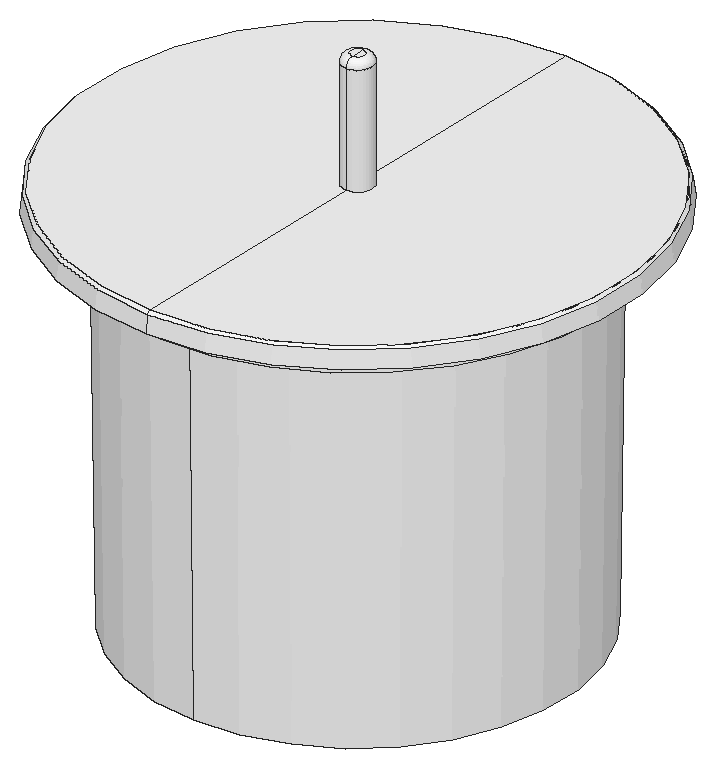
Revit family "CSensor-Lutron-Ceiling-Vive_Series-HJS-1-SM", category Lighting Devices, host Face, Revit 2021
Family settings
  Host = Face
  Maintain Annotation Orientation = Yes
  Round Connector Dimension = Use Diameter
  Part Type = Normal
  OmniClass Number = 23.85.80.11.27
  OmniClass Title = Lighting Controls
  Cut with Voids When Loaded = No
  Shared = No
  Room Calculation Point = No
Parameters (values of type "HJS-1-SM")
  Width = 0' - 6 205/256"  # constant formula
  Warranty URL = "https://www.lutron.com/en-US/Service-Support/Pages/Service/Warranty/Warranty.aspx"
  Voltage Comments = "Input to power supply: 120 – 277 V~ 50/60 Hz 0.6 A • Input to Vive hub: 24 V- 350 mA"  # constant formula
  Voltage = 120 V
  Video Link = "https://www.youtube.com/user/LutronElectronicsInc"
  Version = "2021 - v1.0a"  # constant formula
  Support Phone = "(224) 699-9545"  # constant formula
  Support Email = "mailto: support@bimsmith.com"
  Sensor Type = "Occupancy/Vacancy"  # constant formula
  Sensor Area Visibility [instance] = yes
  Recommended Mounting Notes [instance] = "Surface Mounted - Must be mounted a minimum of 10 ft (3 m) from Wi-Fi router"  # constant formula
  Product Page URL = "https://commercial.lutron.com/us/en/whole-building-systems/vive#3092623536-1983966033"
  Product Name = "Vive Wireless Hub"  # constant formula
  Product Documentation Link = "https://assets.lutron.com/a/documents/369902_eng.pdf"
  Performance URL = "https://www.lutron.com/en-US/Service-Support/Pages/Technical/PerfomanceSpecs.aspx"
  Minimum Operating Temperature = 32 °F  # constant formula
  Maximum Operating Temperature = 104 °F  # constant formula
  Manufacturer Phone Number = "610-282-3800"  # constant formula
  Manufacturer Fax Number = "610-282-1243"  # constant formula
  Manufacturer Email = "mailto:support@lutron.com"
  Manufacturer Address = "7200 Suter Rd, Coopersburg, PA 18036"  # constant formula
  URL = "http://www.lutron.com"
  Type Comments = ""
  Series = "Vive Series"  # constant formula
  Sensor Material = Plastic - Lutron - White Gloss
  Model = "HJS-1-SM"  # constant formula
  Manufacturer = "Lutron Electronics Co., Inc"  # constant formula
  Load Classification = Other
  Coverge Radius = 71' - 0"  # constant formula
  Coverage Range = " 71 ft (22 m)"  # constant formula
  Length = 0' - 6 205/256"  # constant formula
  Keynote = "Division 11"
  Instruction Sheet Link = "https://assets.lutron.com/a/documents/041803.pdf"
  Finish = Plastic - Lutron - White Gloss
  Description = "Vive hub, surface-mount adapter and power supply"  # constant formula
  Depth = 0' - 4 77/256"  # constant formula
  Default Elevation = 0' - 0"
  Coverage Area = "360˚ coverage from 71 ft (22 m)"  # constant formula
  Coverage = 15836.00 SF  # constant formula
  Cost Info = "mailto:sales@lutron.com"
  Cost = 0
  Copyright = "© 2022 Lutron Electronics Co., Inc."  # constant formula
  C CP Right [instance] = 0' - 0"  # constant formula
  C CP Left [instance] = 0' - 0"  # constant formula
  C CP Height [instance] = 0' - 0"  # constant formula
  C CP Front [instance] = 0' - 0"  # constant formula
  C CP Back [instance] = 0' - 0"  # constant formula
  Assembly Code = "D5030800"
  Apparent Load = 0 VA
  Annotation Symbol Visibility [instance] = yes
Reference planes (in)
  plane 1 "Center (Front/Back)": y = 0
  plane 2: z = 0
  plane 3 "Center (Left/Right)": x = 0
  plane 4: y = 3.40039
  plane 5: y = -3.40039
  plane 6: x = 3.40039
  plane 7: x = -3.40039
  plane 8 "top": z = 5.05
  plane 9: x = 0
  plane 10: x = 0
  plane 11: y = 0
  plane 12: y = 0
  plane 13: z = 0
  plane 14: z = 6.55
  plane 15 "Center L/S": z = 4.8
  plane 16 "Center L/T": z = 2.25
Forms (in)
  Revolve 1, solid, material "Plastic - Lutron - White Gloss" <- "Sensor Material", detail levels medium+fine
    sketch origin (0, 0, 0) x (0, 1, 0) y (0, 0, 1)
      loop
        line (0, 2.25) -> (0, 6.55) -> (-0.08833, 6.55)
        arc (-0.08833, 6.55) -> (-0.1559, 6.52201) -> (-0.18389, 6.45444) r 0.09556
        line (-0.18389, 6.45444) -> (-0.18389, 5.05) -> (-3.346, 5.05) -> (-3.38049, 5.0155) -> (-3.40781, 4.8) -> (-2.59273, 4.8) -> (-2.59273, 2.25) -> (0, 2.25)
      axis (0, 6.55) -> (0, 2.25)
    angle from 0 to 360
  Revolve 2, solid, material "Plastic - Lutron - White Gloss" <- "Sensor Material", detail levels coarse
    sketch origin (0, 0, 0) x (0, 1, 0) y (0, 0, 1)
      loop
        line (-2.59273, 2.25) -> (0, 2.25) -> (0, 6.55) -> (-0.18389, 6.55) -> (-0.18389, 5.05) -> (-3.37808, 5.05) -> (-3.40781, 4.8) -> (-2.59273, 4.8) -> (-2.59273, 2.25)
      axis (0, 6.55) -> (0, 2.25)
    angle from 0 to 360
  Revolve 3, solid, material "Plastic - Lutron - White Gloss" <- "Sensor Material"
    sketch origin (0, 0, 0) x (0, 1, 0) y (0, 0, 1)
      loop
        line (-2.63961, 0) -> (0, 0) -> (0, 0.5) -> (-2.59273, 0.5) -> (-2.59273, 4.8) -> (-3.18389, 4.8) -> (-3.18389, 4.64375) -> (-2.70337, 4.64375) -> (-2.63961, 0)
      axis (0, 4.8) -> (0, 0)
    angle from 0 to 360
Lines and regions (in)
  model lines, style "LightingDevices", detail levels medium+fine
    curve 1: circle (0, 0, 5.05) r 2.63931 normal (0, 0, 1)
  symbolic lines, style "Sensor Range"
    curve 2: circle (0, 0, 0) r 852 normal (0, 0, 1)
Dimensions and locks (in)
  "Width": plane 4 to plane 5
  equal spacing: plane 4, plane 1 "Center (Front/Back)", plane 5
  "Length": plane 7 to plane 6
  equal spacing: plane 7, plane 3 "Center (Left/Right)", plane 6
  "C CP Front": plane 1 "Center (Front/Back)" to plane 12
  "C CP Back": plane 11 to plane 1 "Center (Front/Back)"
  "C CP Right": plane 10 to plane 3 "Center (Left/Right)"
  "C CP Left": plane 3 "Center (Left/Right)" to plane 9
  locked: plane 14 to plane 8 "top" at 1.5
  locked: plane 8 "top" to Revolve 2 sketch curve at 0.25
  locked: plane 14 to Revolve 1 sketch curve at 0.09556
  locked: plane 8 "top" to Revolve 1 sketch curve at 0.25
  locked: plane 8 "top" to plane 16 "Center L/T" at 2.8
  locked: plane 15 "Center L/S" to plane 13 at 4.8
  locked: plane 13 to plane 2
  plane 1 "Center (Front/Back)" to Revolve 1 sketch curve to Revolve 1 sketch curve to Revolve 1 sketch curve to Revolve 1 sketch curve to Revolve 1 sketch curve to Revolve 1 sketch curve to Revolve 1 sketch curve = 0' - 0" locked, 0' - 0.08833" locked, 0' - 0.09556" locked, 0' - 2.40884" locked, 0' - 0.75326" locked, 0' - 0.0345" locked, 0' - 0.02732" locked
  plane 12 to Revolve 2 sketch curve to Revolve 2 sketch curve to Revolve 2 sketch curve to Revolve 2 sketch curve to Revolve 2 sketch curve = 0' - 0" locked, 0' - 0.18389" locked, 0' - 2.40884" locked, 0' - 0.78534" locked, 0' - 0.02973" locked
  plane 12 to Revolve 3 sketch curve to Revolve 3 sketch curve to Revolve 3 sketch curve to Revolve 3 sketch curve to Revolve 3 sketch curve = 0' - 0" locked, 0' - 2.59273" locked, 0' - 0 3/64" locked, 0' - 0.06376" locked, 0' - 0.48052" locked
  Revolve 3 sketch curve to Revolve 3 sketch curve to Revolve 3 sketch curve to plane 2 to Revolve 3 sketch curve = 0' - 0 5/32" locked, 0' - 4.14375" locked, 0' - 0 1/2" locked, 0' - 0" locked
  "Coverge Radius": radius of curve 2
  aligned and locked: plane 2 to host face
  aligned and locked: level to host face
  aligned and locked: plane 8 "top" to Revolve 2 sketch curve
  aligned and locked: plane 14 to Revolve 2 sketch curve
  aligned and locked: plane 14 to Revolve 1 sketch curve
  aligned and locked: plane 8 "top" to Revolve 1 sketch curve
  aligned and locked: plane 12 to curve 2
  aligned and locked: plane 10 to curve 2
  aligned and locked: Revolve 1 sketch curve to plane 16 "Center L/T"
  aligned and locked: plane 16 "Center L/T" to Revolve 2 sketch curve
Automatic sketch dimensions
  host sketch curve to host sketch curve = 8' - 0"  (x2)
  Revolve 1 sketch curve to plane 1 "Center (Front/Back)" = 0' - 0"
  Revolve 1 sketch curve to plane 8 "top" = 0' - 0.0345"
  Revolve 1 sketch curve to level = 0' - 0.17381"
  plane 8 "top" to Revolve 1 sketch curve = 0' - 0.69728"
  Revolve 2 sketch curve to plane 1 "Center (Front/Back)" = 0' - 0"
  Revolve 2 sketch curve to Revolve 2 sketch curve = 0' - 0"
  Revolve 2 sketch curve to Revolve 2 sketch curve = 0' - 0 3/4"
  Revolve 3 sketch curve to plane 1 "Center (Front/Back)" = 0' - 0"
  Revolve 3 sketch curve to plane 13 = 0' - 1.08629"
  Revolve 3 sketch curve to Revolve 3 sketch curve = 0' - 0"
  plane 1 "Center (Front/Back)" to curve 1 = 0' - 0"
  curve 1 to plane 3 "Center (Left/Right)" = 0' - 0"
  radius of curve 1 = 0' - 2.63931"
Nested families (in)
  nested 1: "Nested - Annotation - HUB-1" at (0, 0, 0), visible <- "Annotation Symbol Visibility", type "Default"
Connectors (in)
  electrical at (0, 0, 0)
    settings: on Revolve 3, index 1, voltage 0 V, apparent load 0 VA, apparent load phase1 0 VA, apparent load phase2 0 VA, apparent load phase3 0 VA, power factor 1, load classification "Other", number of poles 1, system type 13, power factor state 1, is connector primary yes, connector utility no, sub classification motor no, connector description "Control Connector"
  electrical at (0, 0, 0), driven by "Load Classification", driven by "Voltage", driven by "Apparent Load"
    settings: on Revolve 3, index 2, voltage 120 V, apparent load 0 VA, apparent load phase1 0 VA, apparent load phase2 0 VA, apparent load phase3 0 VA, power factor 1, load classification "Other", number of poles 1, system type 30, power factor state 1, is connector primary no, connector utility no, sub classification motor no, connector description "Electrical Connector"
Definition of nested family "Nested - Annotation - HUB-1"
  Reference planes (in)
    plane 1 "Center (Front/Back)": y = 0
    plane 2: z = 0
    plane 3 "Center (Left/Right)": x = 0
  Lines and regions (in)
    Filled region 1, type "Solid Fill - Black", in view "Ref. Level"
      outline origin (-63.20843, 57.09227, 0) x (1, 0, 0) y (0, 1, 0)
        loop
          circle (63.20843, -57.09227) r 6.25
    Filled region 2, type "Solid Fill - White", in view "Ref. Level"
      outline origin (-63.08343, 57.09227, 0) x (1, 0, 0) y (0, 1, 0)
        loop
          arc (58.43088, -57.98723) -> (58.49222, -57.99313) -> (58.55382, -57.99491) r 0.92045
          arc (58.55382, -57.99491) -> (58.6162, -57.9932) -> (58.6783, -57.98723) r 0.91072
          line (58.6783, -57.98723) -> (58.75822, -57.96878) -> (58.80048, -57.94035) -> (58.81201, -57.89809) -> (58.81201, -56.17457) -> (60.58086, -56.17457) -> (60.58086, -57.89809) -> (60.59316, -57.94035) -> (60.63465, -57.96878) -> (60.71303, -57.98723)
          arc (60.71303, -57.98723) -> (60.7759, -57.99328) -> (60.83905, -57.99491) r 0.90192
          arc (60.83905, -57.99491) -> (60.89988, -57.99317) -> (60.96045, -57.98723) r 0.87876
          line (60.96045, -57.98723) -> (61.04037, -57.96878) -> (61.08263, -57.94035) -> (61.09416, -57.89809) -> (61.09416, -54.16904) -> (61.08263, -54.12678) -> (61.04037, -54.09835) -> (60.96045, -54.07991)
          arc (60.96045, -54.07991) -> (60.89988, -54.07396) -> (60.83905, -54.07222) r 0.87876
          arc (60.83905, -54.07222) -> (60.7759, -54.07386) -> (60.71303, -54.07991) r 0.90192
          line (60.71303, -54.07991) -> (60.63465, -54.09835) -> (60.59316, -54.12678) -> (60.58086, -54.16904) -> (60.58086, -55.72429) -> (58.81201, -55.72429) -> (58.81201, -54.16904) -> (58.80048, -54.12678) -> (58.75822, -54.09835) -> (58.6783, -54.07991)
          arc (58.6783, -54.07991) -> (58.6162, -54.07393) -> (58.55382, -54.07222) r 0.91072
          arc (58.55382, -54.07222) -> (58.49222, -54.07401) -> (58.43088, -54.07991) r 0.92045
          line (58.43088, -54.07991) -> (58.34943, -54.09835) -> (58.30793, -54.12678) -> (58.29564, -54.16904) -> (58.29564, -57.89809) -> (58.30793, -57.94035) -> (58.34943, -57.96878) -> (58.43088, -57.98723)
        loop
          arc (66.52986, -57.97647) -> (66.72498, -57.96947) -> (66.91867, -57.94496) r 2.16904
          arc (66.91867, -57.94496) -> (67.08036, -57.90654) -> (67.23679, -57.85045) r 1.49875
          arc (67.23679, -57.85045) -> (67.37566, -57.78131) -> (67.50419, -57.69446) r 1.17392
          arc (67.50419, -57.69446) -> (67.61397, -57.59393) -> (67.70705, -57.47778) r 0.96917
          arc (67.70705, -57.47778) -> (67.78326, -57.34421) -> (67.83768, -57.20038) r 0.9816
          arc (67.83768, -57.20038) -> (67.87342, -57.03304) -> (67.88455, -56.86229) r 1.17886
          spline (67.88455, -56.86229) -> (67.88414, -56.82948) -> (67.88288, -56.79716) -> (67.88079, -56.7653) -> (67.87786, -56.73391) -> (67.87409, -56.70297) -> (67.86947, -56.67249) -> (67.864, -56.64246) -> (67.85769, -56.61287) -> (67.85051, -56.58372) -> (67.84249, -56.555) -> (67.8336, -56.5267) -> (67.82385, -56.49883)
          arc (67.82385, -56.49883) -> (67.75475, -56.34752) -> (67.66018, -56.21068) r 0.94426
          arc (67.66018, -56.21068) -> (67.54863, -56.09844) -> (67.4189, -56.00783) r 0.88613
          arc (67.4189, -56.00783) -> (67.27484, -55.94067) -> (67.12153, -55.89871) r 0.94135
          arc (67.12153, -55.89871) -> (67.2386, -55.83807) -> (67.34513, -55.7604) r 0.86812
          arc (67.34513, -55.7604) -> (67.43375, -55.67154) -> (67.50727, -55.56984) r 0.79432
          arc (67.50727, -55.56984) -> (67.56457, -55.45699) -> (67.60485, -55.33701) r 0.86827
          arc (67.60485, -55.33701) -> (67.62996, -55.20592) -> (67.6379, -55.07268) r 1.02969
          spline (67.6379, -55.07268) -> (67.63738, -55.03441) -> (67.63584, -54.99681) -> (67.63326, -54.95988) -> (67.62964, -54.92364) -> (67.62498, -54.88808) -> (67.61926, -54.85321) -> (67.61249, -54.81902) -> (67.60466, -54.78553) -> (67.59575, -54.75273) -> (67.58578, -54.72062) -> (67.57473, -54.68922) -> (67.56259, -54.65851)
          arc (67.56259, -54.65851) -> (67.46975, -54.48999) -> (67.33899, -54.34885) r 0.79149
          spline (67.33899, -54.34885) -> (67.31369, -54.32831) -> (67.28738, -54.30858) -> (67.26005, -54.28966) -> (67.2317, -54.27155) -> (67.20233, -54.25427) -> (67.17196, -54.23781) -> (67.14057, -54.22219) -> (67.10818, -54.20741) -> (67.07479, -54.19346) -> (67.0404, -54.18037) -> (67.005, -54.16813) -> (66.96862, -54.15675)
          spline (66.96862, -54.15675) -> (66.93066, -54.14625) -> (66.89095, -54.13665) -> (66.84948, -54.12794) -> (66.80626, -54.12015) -> (66.76129, -54.11326) -> (66.71457, -54.10728) -> (66.6661, -54.10222) -> (66.61589, -54.09806) -> (66.56395, -54.09483) -> (66.51026, -54.09252) -> (66.45485, -54.09113) -> (66.3977, -54.09067)
          line (66.3977, -54.09067) -> (65.5148, -54.09067)
          spline (65.5148, -54.09067) -> (65.50333, -54.09099) -> (65.49195, -54.09195) -> (65.48067, -54.09355) -> (65.4695, -54.09579) -> (65.45843, -54.09867) -> (65.44747, -54.10219) -> (65.43663, -54.10635) -> (65.4259, -54.11116) -> (65.41528, -54.1166) -> (65.40479, -54.12268) -> (65.39442, -54.12941) -> (65.38418, -54.13677)
          spline (65.38418, -54.13677) -> (65.37441, -54.14513) -> (65.36548, -54.15444) -> (65.35739, -54.16472) -> (65.35014, -54.17596) -> (65.34373, -54.18816) -> (65.33817, -54.20132) -> (65.33345, -54.21543) -> (65.32959, -54.23051) -> (65.32658, -54.24655) -> (65.32443, -54.26356) -> (65.32314, -54.28152) -> (65.3227, -54.30044)
          line (65.3227, -54.30044) -> (65.3227, -57.76669)
          spline (65.3227, -57.76669) -> (65.32314, -57.78562) -> (65.32443, -57.80358) -> (65.32658, -57.82058) -> (65.32959, -57.83662) -> (65.33345, -57.8517) -> (65.33817, -57.86582) -> (65.34373, -57.87898) -> (65.35014, -57.89118) -> (65.35739, -57.90241) -> (65.36548, -57.91269) -> (65.37441, -57.92201) -> (65.38418, -57.93036)
          spline (65.38418, -57.93036) -> (65.39442, -57.93773) -> (65.40479, -57.94445) -> (65.41528, -57.95053) -> (65.4259, -57.95598) -> (65.43663, -57.96078) -> (65.44747, -57.96494) -> (65.45843, -57.96846) -> (65.4695, -57.97135) -> (65.48067, -57.97359) -> (65.49195, -57.97519) -> (65.50333, -57.97615) -> (65.5148, -57.97647)
          line (65.5148, -57.97647) -> (66.52986, -57.97647)
        loop
          line (65.836, -57.55001) -> (66.58519, -57.55001)
          spline (66.58519, -57.55001) -> (66.61445, -57.54972) -> (66.64307, -57.54885) -> (66.67106, -57.5474) -> (66.6984, -57.54537) -> (66.7251, -57.54275) -> (66.75116, -57.53954) -> (66.77658, -57.53573) -> (66.80136, -57.53134) -> (66.8255, -57.52634) -> (66.849, -57.52075) -> (66.87186, -57.51455) -> (66.89408, -57.50774)
          arc (66.89408, -57.50774) -> (67.01624, -57.45692) -> (67.12614, -57.38326) r 0.67539
          arc (67.12614, -57.38326) -> (67.21684, -57.28985) -> (67.28366, -57.1781) r 0.56297
          spline (67.28366, -57.1781) -> (67.29285, -57.15727) -> (67.30122, -57.1359) -> (67.30876, -57.11399) -> (67.31548, -57.09153) -> (67.32139, -57.06852) -> (67.3265, -57.04497) -> (67.33081, -57.02088) -> (67.33432, -56.99624) -> (67.33704, -56.97106) -> (67.33898, -56.94534) -> (67.34014, -56.91907) -> (67.34052, -56.89225)
          spline (67.34052, -56.89225) -> (67.34014, -56.86354) -> (67.33899, -56.8354) -> (67.33707, -56.80784) -> (67.33438, -56.78086) -> (67.33092, -56.75448) -> (67.32669, -56.72868) -> (67.3217, -56.70348) -> (67.31594, -56.67887) -> (67.3094, -56.65485) -> (67.3021, -56.63144) -> (67.29404, -56.60863) -> (67.2852, -56.58643)
          arc (67.2852, -56.58643) -> (67.21776, -56.46542) -> (67.12384, -56.36359) r 0.58674
          spline (67.12384, -56.36359) -> (67.1056, -56.34892) -> (67.08663, -56.33484) -> (67.06693, -56.32138) -> (67.04648, -56.30853) -> (67.0253, -56.29628) -> (67.00339, -56.28464) -> (66.98074, -56.27361) -> (66.95735, -56.26319) -> (66.93322, -56.25338) -> (66.90836, -56.24417) -> (66.88277, -56.23558) -> (66.85643, -56.22759)
          spline (66.85643, -56.22759) -> (66.8288, -56.22005) -> (66.79787, -56.21318) -> (66.7615, -56.20697) -> (66.71755, -56.20143) -> (66.66388, -56.19656) -> (66.59835, -56.19234) -> (66.5188, -56.18878) -> (66.42311, -56.18587) -> (66.30913, -56.18361) -> (66.17471, -56.182) -> (66.01771, -56.18104) -> (65.836, -56.18072)
          line (65.836, -56.18072) -> (65.836, -57.55001)
        loop
          line (65.836, -55.76962) -> (66.42305, -55.76962)
          spline (66.42305, -55.76962) -> (66.45611, -55.76925) -> (66.48805, -55.76815) -> (66.51889, -55.76631) -> (66.54862, -55.76373) -> (66.57725, -55.76042) -> (66.60478, -55.75637) -> (66.63123, -55.75158) -> (66.65659, -55.74606) -> (66.68088, -55.7398) -> (66.70409, -55.7328) -> (66.72624, -55.72507) -> (66.74732, -55.7166)
          spline (66.74732, -55.7166) -> (66.76741, -55.70769) -> (66.78695, -55.69823) -> (66.80593, -55.68824) -> (66.82436, -55.67773) -> (66.84222, -55.66669) -> (66.85951, -55.65513) -> (66.87622, -55.64306) -> (66.89235, -55.63048) -> (66.90789, -55.61741) -> (66.92284, -55.60383) -> (66.93719, -55.58977) -> (66.95095, -55.57522)
          arc (66.95095, -55.57522) -> (67.0215, -55.47838) -> (67.06928, -55.36852) r 0.54703
          arc (67.06928, -55.36852) -> (67.09703, -55.24736) -> (67.10616, -55.1234) r 0.82018
          spline (67.10616, -55.1234) -> (67.10591, -55.10014) -> (67.10513, -55.07723) -> (67.10383, -55.05468) -> (67.10201, -55.0325) -> (67.09965, -55.01067) -> (67.09675, -54.98921) -> (67.09331, -54.96812) -> (67.08931, -54.9474) -> (67.08477, -54.92706) -> (67.07966, -54.90709) -> (67.07399, -54.8875) -> (67.06774, -54.86829)
          arc (67.06774, -54.86829) -> (67.01819, -54.7639) -> (66.9448, -54.67465) r 0.47273
          spline (66.9448, -54.67465) -> (66.93042, -54.66165) -> (66.91534, -54.64917) -> (66.89956, -54.6372) -> (66.88307, -54.62576) -> (66.86588, -54.61483) -> (66.84798, -54.60444) -> (66.82938, -54.59457) -> (66.81007, -54.58523) -> (66.79006, -54.57643) -> (66.76935, -54.56816) -> (66.74793, -54.56043) -> (66.7258, -54.55324)
          spline (66.7258, -54.55324) -> (66.70243, -54.54644) -> (66.67601, -54.54024) -> (66.64469, -54.53465) -> (66.60662, -54.52965) -> (66.55993, -54.52525) -> (66.50278, -54.52145) -> (66.43329, -54.51824) -> (66.34963, -54.51562) -> (66.24992, -54.51359) -> (66.13232, -54.51214) -> (65.99496, -54.51127) -> (65.836, -54.51098)
          line (65.836, -54.51098) -> (65.836, -55.76962)
        loop
          line (64.61537, -54.09835) -> (64.53776, -54.07991)
          arc (64.53776, -54.07991) -> (64.47681, -54.07396) -> (64.41559, -54.07222) r 0.89091
          arc (64.41559, -54.07222) -> (64.35322, -54.07393) -> (64.29111, -54.07991) r 0.91072
          line (64.29111, -54.07991) -> (64.21196, -54.09835) -> (64.1697, -54.12678) -> (64.1574, -54.16904) -> (64.1574, -56.54417)
          spline (64.1574, -56.54417) -> (64.15696, -56.58731) -> (64.15561, -56.62953) -> (64.15337, -56.67081) -> (64.15023, -56.71117) -> (64.1462, -56.7506) -> (64.14127, -56.7891) -> (64.13544, -56.82667) -> (64.12872, -56.86331) -> (64.1211, -56.89903) -> (64.11258, -56.93381) -> (64.10317, -56.96767) -> (64.09286, -57.0006)
          spline (64.09286, -57.0006) -> (64.08172, -57.03263) -> (64.0698, -57.0638) -> (64.0571, -57.0941) -> (64.04362, -57.12354) -> (64.02935, -57.15212) -> (64.01429, -57.17983) -> (63.99842, -57.20667) -> (63.98175, -57.23266) -> (63.96427, -57.25777) -> (63.94597, -57.28203) -> (63.92685, -57.30541) -> (63.90691, -57.32794)
          arc (63.90691, -57.32794) -> (63.7701, -57.44488) -> (63.60954, -57.52619) r 0.75608
          spline (63.60954, -57.52619) -> (63.57998, -57.53669) -> (63.54973, -57.54629) -> (63.51877, -57.55499) -> (63.4871, -57.56278) -> (63.45473, -57.56967) -> (63.42166, -57.57565) -> (63.38788, -57.58072) -> (63.3534, -57.58487) -> (63.31822, -57.5881) -> (63.28232, -57.59041) -> (63.24573, -57.5918) -> (63.20843, -57.59227)
          spline (63.20843, -57.59227) -> (63.17223, -57.5918) -> (63.13664, -57.59041) -> (63.10166, -57.58808) -> (63.06727, -57.58481) -> (63.03348, -57.58061) -> (63.00029, -57.57546) -> (62.96769, -57.56937) -> (62.93568, -57.56233) -> (62.90425, -57.55434) -> (62.87341, -57.5454) -> (62.84315, -57.5355) -> (62.81347, -57.52465)
          arc (62.81347, -57.52465) -> (62.65209, -57.44117) -> (62.5138, -57.32333) r 0.79721
          spline (62.5138, -57.32333) -> (62.49329, -57.30058) -> (62.47364, -57.2769) -> (62.45483, -57.25229) -> (62.43687, -57.22674) -> (62.41974, -57.20025) -> (62.40343, -57.17282) -> (62.38794, -57.14444) -> (62.37326, -57.11512) -> (62.35938, -57.08485) -> (62.34629, -57.05362) -> (62.33399, -57.02144) -> (62.32246, -56.9883)
          spline (62.32246, -56.9883) -> (62.31196, -56.95438) -> (62.30236, -56.91948) -> (62.29366, -56.88359) -> (62.28587, -56.84672) -> (62.27898, -56.80888) -> (62.273, -56.77008) -> (62.26793, -56.73031) -> (62.26378, -56.6896) -> (62.26055, -56.64793) -> (62.25823, -56.60531) -> (62.25685, -56.56176) -> (62.25638, -56.51727)
          line (62.25638, -56.51727) -> (62.25638, -54.16904) -> (62.24486, -54.12678) -> (62.20413, -54.09835) -> (62.12422, -54.07991)
          arc (62.12422, -54.07991) -> (62.06287, -54.07399) -> (62.00127, -54.07222) r 0.91174
          arc (62.00127, -54.07222) -> (61.93813, -54.07388) -> (61.87525, -54.07991) r 0.91017
          line (61.87525, -54.07991) -> (61.79688, -54.09835) -> (61.75538, -54.12678) -> (61.74309, -54.16904) -> (61.74309, -56.58028)
          spline (61.74309, -56.58028) -> (61.74379, -56.63924) -> (61.74591, -56.69702) -> (61.74944, -56.75363) -> (61.75439, -56.80907) -> (61.76075, -56.86334) -> (61.76854, -56.91646) -> (61.77776, -56.96842) -> (61.7884, -57.01924) -> (61.80047, -57.06891) -> (61.81397, -57.11745) -> (61.82891, -57.16486) -> (61.84529, -57.21114)
          spline (61.84529, -57.21114) -> (61.86298, -57.25603) -> (61.88185, -57.29964) -> (61.90192, -57.34197) -> (61.92318, -57.38303) -> (61.94563, -57.42283) -> (61.96929, -57.46135) -> (61.99414, -57.49861) -> (62.0202, -57.53461) -> (62.04746, -57.56935) -> (62.07593, -57.60283) -> (62.10561, -57.63506) -> (62.13651, -57.66603)
          arc (62.13651, -57.66603) -> (62.34847, -57.82753) -> (62.58987, -57.94035) r 1.24826
          spline (62.58987, -57.94035) -> (62.63443, -57.95526) -> (62.67977, -57.96885) -> (62.72587, -57.98114) -> (62.77275, -57.99212) -> (62.82039, -58.0018) -> (62.8688, -58.01018) -> (62.91797, -58.01727) -> (62.96792, -58.02306) -> (63.01863, -58.02755) -> (63.07012, -58.03076) -> (63.12237, -58.03269) -> (63.17539, -58.03333)
          spline (63.17539, -58.03333) -> (63.23345, -58.03264) -> (63.29046, -58.03058) -> (63.34642, -58.02713) -> (63.40133, -58.02232) -> (63.45519, -58.01612) -> (63.50801, -58.00855) -> (63.55979, -57.9996) -> (63.61053, -57.98927) -> (63.66024, -57.97757) -> (63.70891, -57.96449) -> (63.75656, -57.95004) -> (63.80317, -57.93421)
          spline (63.80317, -57.93421) -> (63.84868, -57.91704) -> (63.89301, -57.8986) -> (63.93617, -57.87887) -> (63.97814, -57.85785) -> (64.01894, -57.83554) -> (64.05857, -57.81193) -> (64.09703, -57.78703) -> (64.13432, -57.76083) -> (64.17046, -57.73333) -> (64.20543, -57.70452) -> (64.23924, -57.67441) -> (64.2719, -57.64298)
          spline (64.2719, -57.64298) -> (64.30335, -57.61049) -> (64.33356, -57.57677) -> (64.36253, -57.54185) -> (64.39026, -57.50572) -> (64.41675, -57.46839) -> (64.442, -57.42985) -> (64.46602, -57.39011) -> (64.48881, -57.34917) -> (64.51038, -57.30703) -> (64.53072, -57.26371) -> (64.54983, -57.21919) -> (64.56773, -57.17349)
          spline (64.56773, -57.17349) -> (64.5843, -57.12665) -> (64.59943, -57.07873) -> (64.61311, -57.02973) -> (64.62536, -56.97965) -> (64.63617, -56.92851) -> (64.64553, -56.87631) -> (64.65346, -56.82305) -> (64.65994, -56.76874) -> (64.66498, -56.71339) -> (64.66858, -56.65699) -> (64.67074, -56.59956) -> (64.67146, -56.5411)
          line (64.67146, -56.5411) -> (64.67146, -54.16904) -> (64.65763, -54.12678) -> (64.61537, -54.09835)
        loop
          line (62.50942, -61.5852) -> (63.84897, -61.5852) -> (63.87804, -61.55613) -> (63.89332, -61.51571) -> (63.89924, -61.45411)
          arc (63.89924, -61.45411) -> (63.89808, -61.42418) -> (63.89431, -61.39447) r 0.34211
          line (63.89431, -61.39447) -> (63.881, -61.35308) -> (63.85143, -61.31956) -> (63.37879, -61.31956) -> (63.37879, -59.12936)
          arc (63.37879, -59.12936) -> (63.37206, -59.10417) -> (63.35021, -59.08994) r 0.03642
          line (63.35021, -59.08994) -> (63.30191, -59.07959) -> (63.22502, -59.07564) -> (63.16736, -59.07663) -> (63.12646, -59.08106)
          arc (63.12646, -59.08106) -> (63.1016, -59.08737) -> (63.07865, -59.09881) r 0.11996
          line (63.07865, -59.09881) -> (62.50449, -59.46647) -> (62.47639, -59.48963)
          arc (62.47639, -59.48963) -> (62.46704, -59.50245) -> (62.46013, -59.51674) r 0.08827
          line (62.46013, -59.51674) -> (62.45175, -59.55518) -> (62.4488, -59.61087) -> (62.45372, -59.68431) -> (62.47196, -59.7257) -> (62.50744, -59.73408) -> (62.56609, -59.71092) -> (63.0476, -59.42408) -> (63.0476, -61.31956) -> (62.50662, -61.31956) -> (62.47837, -61.35308) -> (62.46407, -61.39447) -> (62.45816, -61.45411) -> (62.46407, -61.51571) -> (62.48034, -61.55613) -> (62.50942, -61.5852)
